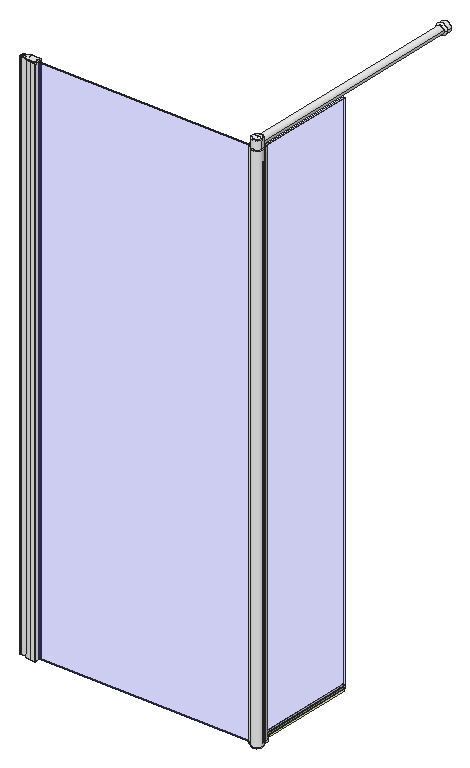
Revit family "FUD2", category Plumbing Fixtures, Revit 2015
Parameters (values of type "900")
  URL = "http://www.sanswiss.com/"
  Type Comments = "WALK IN FUN"
  Seal = Seal
  Model = "FUD2"
  Manufacturer = "SanSwiss"
  Glass = Glass
  Chrome = Chrome - Polished
  Aluminium = Aluminum - Polished
  X = 900 mm
Types (6, lengths in mm): name | X
  (no name) | 900
  1200 | 1200
  1400 | 1400
  800 | 800
  900 | 900
  1000 | 1000
Reference planes
  plane 1 "Center (Front/Back)": y = 0
  plane 2: z = 0
  plane 3 "Center (Left/Right)": x = 0
  plane 4 "back": y = 900
  plane 5 "left": x = -900
  plane 6 "stabiliser": y = 23.011
Forms (mm)
  Sweep 1, solid, material "Chrome - Polished" <- "Chrome"
    path origin (0, 0, 0) x (1, 0, 0) y (0, 0, 1)
      loop
        line (0, 1998.3) -> (0, 2002.6)
    profile origin (0, 0, 2000.45) x (-1, 0, 0) y (0, -1, 0)
      loop
        circle (22.63, -23.011) r 15
      loop
        line (51.63, -26.801) -> (51.63, -19.211)
        arc (51.63, -19.211) -> (51.393, -18.638) -> (50.819, -18.4) r 0.811
        line (50.819, -18.4) -> (47.095, -18.4)
        arc (47.095, -18.4) -> (42.171, -17.103) -> (38.524, -13.548) r 9.996
        arc (38.524, -13.548) -> (10.377, -9.258) -> (11.4, -37.712) r 18.486
        arc (11.4, -37.712) -> (14.281, -41.225) -> (15.319, -45.649) r 10.045
        line (15.319, -45.649) -> (15.319, -47.864)
        arc (15.319, -47.864) -> (15.238, -48.262) -> (15.008, -48.597) r 1.018
        arc (15.008, -48.597) -> (22.625, -66.78) -> (30.242, -48.597) r 10.687
        arc (30.242, -48.597) -> (30.016, -48.259) -> (29.93, -47.862) r 1.087
        line (29.93, -47.862) -> (29.93, -45.66)
        arc (29.93, -45.66) -> (30.965, -41.223) -> (33.856, -37.702) r 10.03
        arc (33.856, -37.702) -> (36.427, -35.312) -> (38.505, -32.482) r 18.633
        arc (38.505, -32.482) -> (42.163, -28.911) -> (47.107, -27.611) r 10.007
        line (47.107, -27.611) -> (50.819, -27.611)
        arc (50.819, -27.611) -> (51.393, -27.374) -> (51.63, -26.801) r 0.811
  Sweep 2, solid, material "Aluminum - Polished" <- "Aluminium"
    path origin (0, 0, 0) x (1, 0, 0) y (0, 0, 1)
      loop
        line (-900, 0) -> (-900, 2000.5)
    profile origin (-900, 0, 1000.25) x (-1, 0, 0) y (0, -1, 0)
      loop
        line (-61.531, -26.841) -> (-61.531, -34.241)
        arc (-61.531, -34.241) -> (-61.091, -35.302) -> (-60.031, -35.741) r 1.5
        line (-60.031, -35.741) -> (-26.356, -35.741)
        arc (-26.356, -35.741) -> (-24.012, -35.457) -> (-21.804, -34.622) r 9.817
        arc (-21.804, -34.622) -> (-21.613, -33.71) -> (-22.418, -33.241) r 0.796
        line (-22.418, -33.241) -> (-22.418, -15.241)
        arc (-22.418, -15.241) -> (-21.627, -14.798) -> (-21.702, -13.894) r 0.838
        arc (-21.702, -13.894) -> (-31.584, -9.68) -> (-42.231, -8.241) r 40.103
        line (-42.231, -8.241) -> (-60.031, -8.241)
        arc (-60.031, -8.241) -> (-61.091, -8.68) -> (-61.531, -9.741) r 1.5
        line (-61.531, -9.741) -> (-61.531, -20.041) -> (-53.331, -20.041) -> (-53.331, -26.841) -> (-61.531, -26.841)
  Sweep 3, solid, material "Chrome - Polished" <- "Chrome"
    path origin (0, 0, 0) x (1, 0, 0) y (0, 0, 1)
      loop
        line (-900, 2004) -> (-900, 2000.5)
    profile origin (-900, 0, 2002.25) x (0, -1, 0) y (1, 0, 0)
      loop
        line (-9.741, 61.531) -> (-34.241, 61.531)
        arc (-34.241, 61.531) -> (-35.302, 61.091) -> (-35.741, 60.031) r 1.5
        line (-35.741, 60.031) -> (-35.741, 26.356)
        arc (-35.741, 26.356) -> (-35.033, 22.66) -> (-33.008, 19.488) r 9.999
        arc (-33.008, 19.488) -> (-23.013, 15.8) -> (-14.024, 21.519) r 11.998
        arc (-14.024, 21.519) -> (-9.716, 31.479) -> (-8.241, 42.231) r 40.036
        line (-8.241, 42.231) -> (-8.241, 60.031)
        arc (-8.241, 60.031) -> (-8.68, 61.091) -> (-9.741, 61.531) r 1.5
  Sweep 4, solid, material "Aluminum - Polished" <- "Aluminium"
    path origin (0, 0, 0) x (1, 0, 0) y (0, 0, 1)
      loop
        line (0, 1998.3) -> (0, 4.3)
    profile origin (0, 0, 1001.3) x (0, -1, 0) y (1, 0, 0)
      loop
        arc (-27.611, -50.798) -> (-26.806, -51.604) -> (-26, -50.798) r 0.806
        line (-26, -50.798) -> (-26.611, -49.925) -> (-26.122, -49.226) -> (-26.611, -48.526) -> (-26.09, -47.905) -> (-26.611, -47.161) -> (-26.103, -46.555) -> (-26.625, -44.098) -> (-19.327, -44.098) -> (-20, -46.61) -> (-19.411, -47.199) -> (-19.885, -47.876) -> (-19.411, -48.553) -> (-19.872, -49.21) -> (-19.411, -49.868) -> (-20, -50.81)
        arc (-20, -50.81) -> (-19.2, -51.61) -> (-18.4, -50.81) r 0.8
        line (-18.4, -50.81) -> (-18.4, -47.074)
        arc (-18.4, -47.074) -> (-17.103, -42.15) -> (-13.548, -38.503) r 9.996
        arc (-13.548, -38.503) -> (-9.258, -10.356) -> (-37.712, -11.379) r 18.486
        arc (-37.712, -11.379) -> (-41.225, -14.259) -> (-45.649, -15.298) r 10.045
        line (-45.649, -15.298) -> (-47.97, -15.298) -> (-45.187, -18.081) -> (-45.187, -16.636) -> (-43.3, -16.371) -> (-43.3, -19.973)
        arc (-43.3, -19.973) -> (-44.635, -22.598) -> (-43.3, -25.223) r 3.248
        line (-43.3, -25.223) -> (-43.3, -28.834) -> (-45.191, -28.568) -> (-45.191, -27.119) -> (-47.981, -29.909) -> (-45.66, -29.909)
        arc (-45.66, -29.909) -> (-41.223, -30.944) -> (-37.702, -33.834) r 10.03
        arc (-37.702, -33.834) -> (-35.312, -36.406) -> (-32.482, -38.484) r 18.633
        arc (-32.482, -38.484) -> (-28.911, -42.142) -> (-27.611, -47.086) r 10.007
        line (-27.611, -47.086) -> (-27.611, -50.798)
  Sweep 5, solid, material "Chrome - Polished" <- "Chrome"
    path origin (0, 0, 0) x (1, 0, 0) y (0, 0, 1)
      loop
        line (0, 4.3) -> (0, 0)
    profile origin (0, 0, 2.15) x (0, -1, 0) y (1, 0, 0)
      loop
        circle (-23.006, -22.654) r 15.002
      loop
        arc (-37.712, -11.423) -> (-41.225, -14.304) -> (-45.649, -15.342) r 10.045
        line (-45.649, -15.342) -> (-47.864, -15.342)
        arc (-47.864, -15.342) -> (-48.262, -15.261) -> (-48.597, -15.031) r 1.018
        arc (-48.597, -15.031) -> (-66.78, -22.649) -> (-48.597, -30.266) r 10.687
        arc (-48.597, -30.266) -> (-48.259, -30.04) -> (-47.862, -29.954) r 1.087
        line (-47.862, -29.954) -> (-45.66, -29.954)
        arc (-45.66, -29.954) -> (-41.223, -30.988) -> (-37.702, -33.879) r 10.03
        arc (-37.702, -33.879) -> (-35.312, -36.451) -> (-32.482, -38.529) r 18.633
        arc (-32.482, -38.529) -> (-28.911, -42.186) -> (-27.611, -47.13) r 10.007
        line (-27.611, -47.13) -> (-27.611, -50.843)
        arc (-27.611, -50.843) -> (-27.374, -51.416) -> (-26.801, -51.654) r 0.811
        line (-26.801, -51.654) -> (-19.211, -51.654)
        arc (-19.211, -51.654) -> (-18.638, -51.416) -> (-18.4, -50.842) r 0.811
        line (-18.4, -50.842) -> (-18.4, -47.119)
        arc (-18.4, -47.119) -> (-17.103, -42.194) -> (-13.548, -38.548) r 9.996
        arc (-13.548, -38.548) -> (-9.258, -10.401) -> (-37.712, -11.423) r 18.486
  Sweep 6, solid, material "Chrome - Polished" <- "Chrome"
    path origin (0, 0, 0) x (0, 1, 0) y (0, 0, 1)
      loop
        line (0, 4.3) -> (0, 7.8)
    profile origin (0, 0, 6.05) x (0, -1, 0) y (1, 0, 0)
      loop
        circle (-56.111, -22.618) r 9
  Sweep 7, solid, material "Chrome - Polished" <- "Chrome"
    path origin (0, 0, 0) x (0, 1, 0) y (0, 0, 1)
      loop
        line (0, 1998.3) -> (0, 1994.8)
    profile origin (0, 0, 1996.55) x (1, 0, 0) y (0, 1, 0)
      loop
        circle (-22.596, 56.111) r 9
  Sweep 8, solid, material "Aluminum - Polished" <- "Aluminium"
    path origin (0, 0, 0) x (0, 1, 0) y (0, 0, 1)
      loop
        line (0, 1994.8) -> (0, 7.8)
    profile origin (0, 0, 1001.3) x (1, 0, 0) y (0, 1, 0)
      loop
        arc (-26.304, 64.297) -> (-22.587, 47.115) -> (-18.87, 64.297) r 8.993
        arc (-18.87, 64.297) -> (-19.773, 63.71) -> (-19.285, 62.75) r 0.805
        line (-19.285, 62.75) -> (-19.285, 58.664)
        arc (-19.285, 58.664) -> (-22.592, 51.961) -> (-25.899, 58.664) r 4.167
        line (-25.899, 58.664) -> (-25.899, 62.545)
        arc (-25.899, 62.545) -> (-25.398, 63.584) -> (-26.304, 64.297) r 0.921
  Extrusion 9, solid, material "Seal" <- "Seal"
    sketch origin (36.033, 0, 0) x (1, 0, 0) y (0, 0, 1)
      loop
        line (-59.491, 10.9) -> (-58.97, 0.914) -> (-58.641, -0.098) -> (-58.295, 0.914) -> (-57.773, 10.9) -> (-54.932, 10.9)
        arc (-54.932, 10.9) -> (-53.598, 11.491) -> (-53.141, 12.876) r 1.8
        line (-53.141, 12.876) -> (-54.196, 23.597)
        arc (-54.196, 23.597) -> (-54.774, 24.302) -> (-55.647, 24.04) r 0.822
        line (-55.647, 24.04) -> (-54.706, 14.491)
        arc (-54.706, 14.491) -> (-55.452, 13.807) -> (-54.588, 13.282) r 0.632
        arc (-54.588, 13.282) -> (-54.57, 12.735) -> (-54.903, 12.3) r 0.815
        line (-54.903, 12.3) -> (-62.337, 12.3)
        arc (-62.337, 12.3) -> (-62.601, 12.759) -> (-62.677, 13.282) r 1.407
        arc (-62.677, 13.282) -> (-61.811, 13.807) -> (-62.558, 14.491) r 0.632
        line (-62.558, 14.491) -> (-61.606, 24.158)
        arc (-61.606, 24.158) -> (-62.51, 24.329) -> (-63.068, 23.597) r 0.876
        line (-63.068, 23.597) -> (-64.169, 12.412)
        arc (-64.169, 12.412) -> (-67.551, 9.237) -> (-71.763, 7.291) r 14.508
        arc (-71.763, 7.291) -> (-72.113, 6.669) -> (-71.491, 6.318) r 0.505
        arc (-71.491, 6.318) -> (-66.744, 7.906) -> (-62.732, 10.9) r 15.781
        line (-62.732, 10.9) -> (-59.491, 10.9)
    from -65.021 to -431.021
  Extrusion 10, solid, material "Glass" <- "Glass"
    sketch origin (36.024, 0, 0) x (1, 0, 0) y (0, 1, 0)
      loop
        line (-61.632, 56.1) -> (-55.632, 56.1) -> (-55.632, 431.021) -> (-61.632, 431.021) -> (-61.632, 56.1)
    from 12.3 to 1989.3
  Extrusion 11, solid, material "Glass" <- "Glass"
    sketch origin (0, 0, 0) x (1, 0, 0) y (0, 1, 0)
      loop
        line (-44.098, 26) -> (-862.6, 26) -> (-862.6, 20) -> (-44.098, 20) -> (-44.098, 26)
    from 1.5 to 2000.5
  Sweep 12, solid, material "Chrome - Polished" <- "Chrome"
    path origin (0, 23.011, 0) x (-1, 0, 0) y (0, 0, 1)
      loop
        line (900, 2001) -> (900, 1999.5)
    profile origin (-900, 23.011, 2000.25) x (0, 1, 0) y (-1, 0, 0)
      loop
        line (-4.17, 2.186) -> (-6.77, 2.186)
        arc (-6.77, 2.186) -> (-7.477, 1.893) -> (-7.77, 1.186) r 1
        line (-7.77, 1.186) -> (-7.77, -25.435) -> (10.23, -25.435) -> (10.23, 1.186)
        arc (10.23, 1.186) -> (9.937, 1.893) -> (9.23, 2.186) r 1
        line (9.23, 2.186) -> (6.63, 2.186) -> (6.63, -5.014)
        arc (6.63, -5.014) -> (6.044, -6.428) -> (4.63, -7.014) r 2
        line (4.63, -7.014) -> (-2.17, -7.014)
        arc (-2.17, -7.014) -> (-3.585, -6.428) -> (-4.17, -5.014) r 2
        line (-4.17, -5.014) -> (-4.17, 2.186)
  Sweep 13, solid, material "Aluminum - Polished" <- "Aluminium"
    path origin (0, 23.011, 0) x (-1, 0, 0) y (0, 0, 1)
      loop
        line (900, 1999.5) -> (900, 1.5)
    profile origin (-900, 23.011, 1000.5) x (0, 1, 0) y (-1, 0, 0)
      loop
        arc (-7.77, -40.291) -> (-7.535, -41.097) -> (-6.904, -41.65) r 1.5
        line (-6.904, -41.65) -> (-4.77, -42.645) -> (-4.77, -40.332) -> (-6.27, -40.332) -> (-6.27, -0.332) -> (-4.87, -0.332)
        arc (-4.87, -0.332) -> (-3.79, 0.03) -> (-3.145, 0.968) r 1.795
        line (-3.145, 0.968) -> (5.666, 0.968)
        arc (5.666, 0.968) -> (6.274, 0.032) -> (7.33, -0.332) r 1.715
        line (7.33, -0.332) -> (8.73, -0.332) -> (8.73, -40.332) -> (7.23, -40.332) -> (7.23, -42.645) -> (9.475, -41.599)
        arc (9.475, -41.599) -> (10.027, -41.046) -> (10.23, -40.291) r 1.51
        line (10.23, -40.291) -> (10.23, 2.582) -> (7.13, 1.137) -> (7.13, 2.468) -> (-4.67, 2.468) -> (-4.67, 1.137) -> (-7.77, 2.582) -> (-7.77, -40.291)
Dimensions and locks
  plane 1 "Center (Front/Back)" to plane 4 "back" = 900 mm
  "X": plane 5 "left" to plane 3 "Center (Left/Right)"
  aligned and locked: level to plane 2
Automatic sketch dimensions
  Sweep 1 sketch curve to plane 3 "Center (Left/Right)" = 0 mm
  level to Sweep 1 sketch curve = 1998.3 mm
  Sweep 1 sketch curve to Sweep 1 sketch curve = 4.3 mm
  Sweep 1 sketch curve to profile plane = 5.273 mm
  Sweep 1 sketch curve to Sweep 1 sketch curve = 9.027 mm
  Sweep 1 sketch curve to Sweep 1 sketch curve = 1.018 mm
  Sweep 1 sketch curve to Sweep 1 sketch curve = 7.196 mm
  Sweep 1 sketch curve to Sweep 1 sketch curve = 7.306 mm
  Sweep 1 sketch curve to Sweep 1 sketch curve = 0.116 mm
  Sweep 1 sketch curve to Sweep 1 sketch curve = 0.044 mm
  Sweep 1 sketch curve to Sweep 1 sketch curve = 7.305 mm
  Sweep 1 sketch curve to Sweep 1 sketch curve = 1.087 mm
  Sweep 1 sketch curve to Sweep 1 sketch curve = 8.944 mm
  Sweep 1 sketch curve to Sweep 1 sketch curve = 7.133 mm
  Sweep 1 sketch curve to Sweep 1 sketch curve = 0.001 mm
  Sweep 1 sketch curve to Sweep 1 sketch curve = 0.011 mm
  Sweep 1 sketch curve to Sweep 1 sketch curve = 3.713 mm
  Sweep 1 sketch curve to Sweep 1 sketch curve = 0.811 mm  (x2)
  Sweep 1 sketch curve to plane 1 "Center (Front/Back)" = 56.093 mm
  Sweep 1 sketch curve to Sweep 1 sketch curve = 8.229 mm
  Sweep 1 sketch curve to Sweep 1 sketch curve = 8.231 mm
  Sweep 1 sketch curve to Sweep 1 sketch curve = 0.028 mm
  Sweep 1 sketch curve to Sweep 1 sketch curve = 2.191 mm
  Sweep 1 sketch curve to Sweep 1 sketch curve = 2.202 mm
  Sweep 1 sketch curve to Sweep 1 sketch curve = 2.216 mm
  Sweep 1 sketch curve to Sweep 1 sketch curve = 8.042 mm
  Sweep 1 sketch curve to Sweep 1 sketch curve = 10.007 mm
  Sweep 1 sketch curve to plane 1 "Center (Front/Back)" = 23.061 mm
  Sweep 1 sketch curve to Sweep 1 sketch curve = 0.05 mm
  Sweep 1 sketch curve to Sweep 1 sketch curve = 0.093 mm
  Sweep 1 sketch curve to Sweep 1 sketch curve = 7.589 mm
  Sweep 1 sketch curve to plane 1 "Center (Front/Back)" = 8.404 mm
  Sweep 1 sketch curve to Sweep 1 sketch curve = 0 mm  (x2)
  Sweep 1 sketch curve to Sweep 1 sketch curve = 0.311 mm
  Sweep 2 sketch curve to plane 5 "left" = 0 mm
  Sweep 2 sketch curve to level = 0 mm
  level to Sweep 2 sketch curve = 2000.5 mm
  Sweep 3 sketch curve to plane 5 "left" = 0 mm
  level to Sweep 3 sketch curve = 2000.5 mm
  Sweep 3 sketch curve to Sweep 3 sketch curve = 3.5 mm
  Sweep 4 sketch curve to plane 3 "Center (Left/Right)" = 0 mm
  level to Sweep 4 sketch curve = 4.3 mm
  level to Sweep 4 sketch curve = 1998.3 mm
  Sweep 4 sketch curve to plane 1 "Center (Front/Back)" = 47.981 mm
  Sweep 4 sketch curve to Sweep 4 sketch curve = 0.011 mm
  Sweep 4 sketch curve to Sweep 4 sketch curve = 2.297 mm
  Sweep 4 sketch curve to Sweep 4 sketch curve = 2.321 mm
  Sweep 4 sketch curve to Sweep 4 sketch curve = 2.79 mm
  Sweep 4 sketch curve to Sweep 4 sketch curve = 0.462 mm
  Sweep 4 sketch curve to Sweep 4 sketch curve = 1.891 mm
  Sweep 4 sketch curve to Sweep 4 sketch curve = 1.887 mm
  Sweep 4 sketch curve to Sweep 4 sketch curve = 1.913 mm
  Sweep 4 sketch curve to plane 1 "Center (Front/Back)" = 26.806 mm
  Sweep 4 sketch curve to Sweep 4 sketch curve = 0.194 mm
  Sweep 4 sketch curve to Sweep 4 sketch curve = 0 mm  (x4)
  Sweep 4 sketch curve to Sweep 4 sketch curve = 0.49 mm
  Sweep 4 sketch curve to Sweep 4 sketch curve = 0.509 mm
  Sweep 4 sketch curve to Sweep 4 sketch curve = 0.521 mm
  Sweep 4 sketch curve to Sweep 4 sketch curve = 0.806 mm
  Sweep 4 sketch curve to Sweep 4 sketch curve = 18.325 mm
  Sweep 4 sketch curve to Sweep 4 sketch curve = 6.103 mm
  Sweep 4 sketch curve to Sweep 4 sketch curve = 0.115 mm
  Sweep 4 sketch curve to Sweep 4 sketch curve = 0.013 mm
  Sweep 4 sketch curve to Sweep 4 sketch curve = 0.461 mm  (x2)
  Sweep 4 sketch curve to Sweep 4 sketch curve = 0.474 mm
  Sweep 4 sketch curve to Sweep 4 sketch curve = 0.673 mm
  Sweep 4 sketch curve to Sweep 4 sketch curve = 0.8 mm
  Sweep 4 sketch curve to Sweep 4 sketch curve = 1.011 mm
  Sweep 4 sketch curve to plane 1 "Center (Front/Back)" = 8.404 mm
  profile plane to Sweep 4 sketch curve = 50.81 mm
  Sweep 4 sketch curve to Sweep 4 sketch curve = 0.012 mm  (x2)
  Sweep 4 sketch curve to Sweep 4 sketch curve = 0.873 mm
  Sweep 4 sketch curve to Sweep 4 sketch curve = 0.942 mm
  Sweep 4 sketch curve to Sweep 4 sketch curve = 0.699 mm  (x2)
  Sweep 4 sketch curve to Sweep 4 sketch curve = 0.658 mm  (x2)
  Sweep 4 sketch curve to Sweep 4 sketch curve = 0.621 mm
  Sweep 4 sketch curve to Sweep 4 sketch curve = 0.677 mm  (x2)
  Sweep 4 sketch curve to Sweep 4 sketch curve = 0.744 mm
  Sweep 4 sketch curve to Sweep 4 sketch curve = 0.125 mm
  Sweep 4 sketch curve to Sweep 4 sketch curve = 0.589 mm
  Sweep 4 sketch curve to Sweep 4 sketch curve = 0.606 mm
  Sweep 4 sketch curve to Sweep 4 sketch curve = 2.513 mm
  Sweep 4 sketch curve to Sweep 4 sketch curve = 14.189 mm
  Sweep 4 sketch curve to Sweep 4 sketch curve = 1.075 mm
  Sweep 4 sketch curve to Sweep 4 sketch curve = 1.341 mm
  Sweep 4 sketch curve to Sweep 4 sketch curve = 1.449 mm
  Sweep 4 sketch curve to Sweep 4 sketch curve = 1.896 mm
  Sweep 4 sketch curve to Sweep 4 sketch curve = 2.57 mm
  Sweep 4 sketch curve to Sweep 4 sketch curve = 2.625 mm
  Sweep 4 sketch curve to Sweep 4 sketch curve = 1.892 mm
  Sweep 4 sketch curve to Sweep 4 sketch curve = 2.783 mm
  Sweep 4 sketch curve to Sweep 4 sketch curve = 10.045 mm
  Sweep 4 sketch curve to Sweep 4 sketch curve = 0.469 mm
  Sweep 4 sketch curve to Sweep 4 sketch curve = 0.522 mm
  Sweep 4 sketch curve to Sweep 4 sketch curve = 1.444 mm
  Sweep 4 sketch curve to Sweep 4 sketch curve = 0.265 mm
  Sweep 4 sketch curve to Sweep 4 sketch curve = 0.143 mm
  Sweep 4 sketch curve to Sweep 4 sketch curve = 0.159 mm
  Sweep 4 sketch curve to Sweep 4 sketch curve = 5.598 mm
  Sweep 4 sketch curve to Sweep 4 sketch curve = 5.22 mm
  Sweep 4 sketch curve to Sweep 4 sketch curve = 0.076 mm
  Sweep 4 sketch curve to Sweep 4 sketch curve = 5.613 mm
  Sweep 4 sketch curve to Sweep 4 sketch curve = 10.007 mm
  Sweep 5 sketch curve to plane 3 "Center (Left/Right)" = 0 mm
  Sweep 5 sketch curve to level = 0 mm
  level to Sweep 5 sketch curve = 4.3 mm
  Sweep 5 sketch curve to plane 1 "Center (Front/Back)" = 23.006 mm
  profile plane to Sweep 5 sketch curve = 22.654 mm
  Sweep 5 sketch curve to Sweep 5 sketch curve = 0.055 mm
  Sweep 5 sketch curve to plane 1 "Center (Front/Back)" = 26.801 mm
  Sweep 5 sketch curve to Sweep 5 sketch curve = 0.811 mm  (x2)
  Sweep 5 sketch curve to Sweep 5 sketch curve = 10.007 mm
  Sweep 5 sketch curve to Sweep 5 sketch curve = 22.587 mm
  Sweep 5 sketch curve to Sweep 5 sketch curve = 0.011 mm  (x2)
  Sweep 5 sketch curve to Sweep 5 sketch curve = 0.024 mm
  Sweep 5 sketch curve to Sweep 5 sketch curve = 2.174 mm
  Sweep 5 sketch curve to Sweep 5 sketch curve = 0.028 mm
  Sweep 5 sketch curve to Sweep 5 sketch curve = 2.216 mm
  Sweep 5 sketch curve to Sweep 5 sketch curve = 8.229 mm
  Sweep 5 sketch curve to Sweep 5 sketch curve = 0.088 mm
  Sweep 5 sketch curve to Sweep 5 sketch curve = 7.589 mm
  Sweep 5 sketch curve to plane 1 "Center (Front/Back)" = 8.404 mm
  Sweep 5 sketch curve to Sweep 5 sketch curve = 0.044 mm
  Sweep 5 sketch curve to Sweep 5 sketch curve = 7.256 mm
  Sweep 5 sketch curve to Sweep 5 sketch curve = 1.087 mm
  Sweep 5 sketch curve to Sweep 5 sketch curve = 8.944 mm
  Sweep 5 sketch curve to Sweep 5 sketch curve = 7.133 mm
  Sweep 5 sketch curve to Sweep 5 sketch curve = 0.001 mm
  Sweep 5 sketch curve to Sweep 5 sketch curve = 3.724 mm
  Sweep 5 sketch curve to Sweep 5 sketch curve = 7.305 mm
  Sweep 5 sketch curve to Sweep 5 sketch curve = 0.116 mm
  Sweep 5 sketch curve to Sweep 5 sketch curve = 7.306 mm
  Sweep 5 sketch curve to Sweep 5 sketch curve = 1.018 mm
  Sweep 5 sketch curve to Sweep 5 sketch curve = 9.027 mm
  Sweep 5 sketch curve to Sweep 5 sketch curve = 0 mm  (x2)
  Sweep 5 sketch curve to Sweep 5 sketch curve = 0.733 mm
  Sweep 6 sketch curve to plane 1 "Center (Front/Back)" = 0 mm
  level to Sweep 6 sketch curve = 4.3 mm
  level to Sweep 6 sketch curve = 7.8 mm
  profile plane to Sweep 6 sketch curve = 56.111 mm
  Sweep 6 sketch curve to plane 3 "Center (Left/Right)" = 22.618 mm
  Sweep 7 sketch curve to plane 1 "Center (Front/Back)" = 0 mm
  level to Sweep 7 sketch curve = 1994.8 mm
  Sweep 7 sketch curve to Sweep 7 sketch curve = 3.5 mm
  Sweep 7 sketch curve to Sweep 7 sketch curve = 0 mm  (x2)
  Sweep 7 sketch curve to plane 3 "Center (Left/Right)" = 22.596 mm
  Sweep 7 sketch curve to profile plane = 56.111 mm
  Sweep 7 sketch curve to Sweep 7 sketch curve = 9 mm
  Sweep 8 sketch curve to plane 1 "Center (Front/Back)" = 0 mm
  level to Sweep 8 sketch curve = 7.8 mm
  Sweep 8 sketch curve to Sweep 8 sketch curve = 1987 mm
  Sweep 8 sketch curve to plane 3 "Center (Left/Right)" = 26.295 mm
  Sweep 8 sketch curve to Sweep 8 sketch curve = 0.396 mm
  Sweep 8 sketch curve to Sweep 8 sketch curve = 3.307 mm
  Sweep 8 sketch curve to Sweep 8 sketch curve = 0.005 mm
  Sweep 8 sketch curve to Sweep 8 sketch curve = 0.29 mm
  Sweep 8 sketch curve to profile plane = 56.108 mm
  Sweep 8 sketch curve to Sweep 8 sketch curve = 0.02 mm
  Sweep 8 sketch curve to Sweep 8 sketch curve = 6.417 mm
  Sweep 8 sketch curve to Sweep 8 sketch curve = 0.205 mm
  Sweep 8 sketch curve to Sweep 8 sketch curve = 0.831 mm
  Sweep 8 sketch curve to Sweep 8 sketch curve = 0.752 mm
  Sweep 8 sketch curve to Sweep 8 sketch curve = 0.009 mm
  Sweep 8 sketch curve to Sweep 8 sketch curve = 4.086 mm
  Sweep 8 sketch curve to Sweep 8 sketch curve = 3.882 mm
  level to Extrusion 9 sketch curve = 21.264 mm
  Extrusion 9 sketch curve to plane 3 "Center (Left/Right)" = 39.63 mm
  Extrusion 9 sketch curve to Extrusion 9 sketch curve = 1.605 mm
  level to Extrusion 9 sketch curve = 6.804 mm
  Extrusion 9 sketch curve to Extrusion 9 sketch curve = 4.037 mm
  level to Extrusion 9 sketch curve = 12.412 mm
  Extrusion 9 sketch curve to Extrusion 9 sketch curve = 7.458 mm
  level to Extrusion 9 sketch curve = 23.597 mm  (x2)
  Extrusion 9 sketch curve to Extrusion 9 sketch curve = 10.99 mm
  Extrusion 9 sketch curve to Extrusion 9 sketch curve = 1.437 mm
  level to Extrusion 9 sketch curve = 14.491 mm  (x2)
  Extrusion 9 sketch curve to Extrusion 9 sketch curve = 1.611 mm
  Extrusion 9 sketch curve to Extrusion 9 sketch curve = 0.117 mm
  Extrusion 9 sketch curve to Extrusion 9 sketch curve = 0.396 mm
  Extrusion 9 sketch curve to Extrusion 9 sketch curve = 0.872 mm
  level to Extrusion 9 sketch curve = 24.158 mm
  Extrusion 9 sketch curve to Extrusion 9 sketch curve = 0.59 mm
  Extrusion 9 sketch curve to Extrusion 9 sketch curve = 1.17 mm
  level to Extrusion 9 sketch curve = 10.9 mm  (x2)
  Extrusion 9 sketch curve to Extrusion 9 sketch curve = 1.78 mm
  level to Extrusion 9 sketch curve = 0.914 mm  (x2)
  Extrusion 9 sketch curve to Extrusion 9 sketch curve = 0.521 mm
  Extrusion 9 sketch curve to Extrusion 9 sketch curve = 1.717 mm
  level to Extrusion 9 sketch curve = 24.04 mm
  Extrusion 9 sketch curve to Extrusion 9 sketch curve = 5.959 mm
  Extrusion 9 sketch curve to Extrusion 9 sketch curve = 2.427 mm
  Extrusion 9 sketch curve to Extrusion 9 sketch curve = 0.633 mm
  Extrusion 9 sketch curve to Extrusion 9 sketch curve = 0.414 mm
  Extrusion 9 sketch curve to Extrusion 9 sketch curve = 0.029 mm
  Extrusion 9 sketch curve to Extrusion 9 sketch curve = 0.524 mm
  Extrusion 9 sketch curve to Extrusion 9 sketch curve = 0.116 mm
  Extrusion 9 sketch curve to Extrusion 9 sketch curve = 0.818 mm
  level to Extrusion 9 sketch curve = 12.876 mm
  Extrusion 9 sketch curve to Extrusion 9 sketch curve = 1.791 mm
  Extrusion 9 sketch curve to Extrusion 9 sketch curve = 0.4 mm
  Extrusion 9 sketch curve to Extrusion 9 sketch curve = 0.284 mm
  Extrusion 9 sketch curve to Extrusion 9 sketch curve = 0.919 mm
  Extrusion 9 sketch curve to Extrusion 9 sketch curve = 0.621 mm  (x2)
  Extrusion 9 sketch curve to Extrusion 9 sketch curve = 0.624 mm
  Extrusion 9 sketch curve to Extrusion 9 sketch curve = 0 mm
  Extrusion 9 sketch curve to Extrusion 9 sketch curve = 0.329 mm
  Extrusion 9 sketch curve to level = 0.098 mm
  Extrusion 9 sketch curve to Extrusion 9 sketch curve = 0.675 mm
  Extrusion 10 sketch curve to plane 3 "Center (Left/Right)" = 25.608 mm
  Extrusion 10 sketch curve to Extrusion 10 sketch curve = 6 mm
  Extrusion 10 sketch curve to plane 1 "Center (Front/Back)" = 56.1 mm
  Extrusion 10 sketch curve to Extrusion 10 sketch curve = 374.921 mm
  plane 5 "left" to Extrusion 11 sketch curve = 37.4 mm
  Extrusion 11 sketch curve to plane 1 "Center (Front/Back)" = 20 mm
  Extrusion 11 sketch curve to plane 3 "Center (Left/Right)" = 44.098 mm
  Extrusion 11 sketch curve to Extrusion 11 sketch curve = 6 mm
  Sweep 3 sketch curve to profile plane = 42.245 mm
  Sweep 3 sketch curve to plane 1 "Center (Front/Back)" = 48.277 mm
  Sweep 3 sketch curve to profile plane = 26.356 mm
  Sweep 3 sketch curve to Sweep 3 sketch curve = 12.536 mm
  Sweep 3 sketch curve to Sweep 3 sketch curve = 1.5 mm  (x2)
  Sweep 3 sketch curve to Sweep 3 sketch curve = 9.999 mm
  Sweep 3 sketch curve to Sweep 3 sketch curve = 1.453 mm
  Sweep 3 sketch curve to Sweep 3 sketch curve = 24.5 mm
  Sweep 3 sketch curve to Sweep 3 sketch curve = 1.374 mm
  Sweep 3 sketch curve to profile plane = 42.231 mm
  Sweep 3 sketch curve to Sweep 3 sketch curve = 17.786 mm
  Sweep 3 sketch curve to Sweep 3 sketch curve = 0 mm
  profile plane to Sweep 2 sketch curve = 61.531 mm
  Sweep 2 sketch curve to Sweep 2 sketch curve = 0 mm
  Sweep 2 sketch curve to Sweep 2 sketch curve = 1.5 mm  (x2)
  Sweep 2 sketch curve to Sweep 2 sketch curve = 8.2 mm
  profile plane to Sweep 2 sketch curve = 42.231 mm
  profile plane to Sweep 2 sketch curve = 26.356 mm
  profile plane to Sweep 2 sketch curve = 22.418 mm
  Sweep 2 sketch curve to Sweep 2 sketch curve = 0.051 mm
  Sweep 2 sketch curve to Sweep 2 sketch curve = 0.078 mm
  Sweep 2 sketch curve to plane 1 "Center (Front/Back)" = 48.345 mm
  Sweep 2 sketch curve to Sweep 2 sketch curve = 12.603 mm
  Sweep 2 sketch curve to Sweep 2 sketch curve = 1.708 mm
  Sweep 2 sketch curve to Sweep 2 sketch curve = 0.792 mm
  Sweep 2 sketch curve to Sweep 2 sketch curve = 7.4 mm
  Sweep 2 sketch curve to Sweep 2 sketch curve = 7.317 mm
  Sweep 2 sketch curve to Sweep 2 sketch curve = 6.8 mm
  Sweep 2 sketch curve to Sweep 2 sketch curve = 10.683 mm
  Sweep 2 sketch curve to Sweep 2 sketch curve = 0.837 mm
  Sweep 2 sketch curve to Sweep 2 sketch curve = 10.3 mm
  Sweep 12 sketch curve to plane 5 "left" = 0 mm
  level to Sweep 12 sketch curve = 1999.5 mm
  Sweep 12 sketch curve to Sweep 12 sketch curve = 1.5 mm
  Sweep 12 sketch curve to plane 6 "stabiliser" = 7.77 mm
  Sweep 12 sketch curve to Sweep 12 sketch curve = 1 mm  (x2)
  Sweep 12 sketch curve to Sweep 12 sketch curve = 2.6 mm  (x2)
  Sweep 12 sketch curve to Sweep 12 sketch curve = 2 mm  (x2)
  Sweep 12 sketch curve to Sweep 12 sketch curve = 6.8 mm
  Sweep 12 sketch curve to profile plane = 2.186 mm
  Sweep 12 sketch curve to Sweep 12 sketch curve = 7.2 mm
  Sweep 12 sketch curve to Sweep 12 sketch curve = 18.421 mm
  Sweep 12 sketch curve to profile plane = 1.186 mm
  Sweep 13 sketch curve to plane 5 "left" = 0 mm
  level to Sweep 13 sketch curve = 1.5 mm
  Sweep 13 sketch curve to Sweep 13 sketch curve = 1998 mm
  Sweep 13 sketch curve to profile plane = 2.582 mm  (x2)
  Sweep 13 sketch curve to plane 6 "stabiliser" = 7.77 mm
  Sweep 13 sketch curve to Sweep 13 sketch curve = 0.866 mm
  Sweep 13 sketch curve to Sweep 13 sketch curve = 0.634 mm
  Sweep 13 sketch curve to Sweep 13 sketch curve = 0 mm  (x2)
  Sweep 13 sketch curve to Sweep 13 sketch curve = 1.4 mm
  Sweep 13 sketch curve to Sweep 13 sketch curve = 1.5 mm
  Sweep 13 sketch curve to Sweep 13 sketch curve = 0.2 mm  (x2)
  Sweep 13 sketch curve to Sweep 13 sketch curve = 1.525 mm
  Sweep 13 sketch curve to Sweep 13 sketch curve = 8.811 mm
  Sweep 13 sketch curve to Sweep 13 sketch curve = 1.464 mm
  Sweep 13 sketch curve to Sweep 13 sketch curve = 12 mm
  Sweep 13 sketch curve to Sweep 13 sketch curve = 1.49 mm
  Sweep 13 sketch curve to Sweep 13 sketch curve = 0.01 mm
  Sweep 13 sketch curve to Sweep 13 sketch curve = 0.745 mm
  Sweep 13 sketch curve to Sweep 13 sketch curve = 3.1 mm
  Sweep 13 sketch curve to Sweep 13 sketch curve = 0.114 mm
  Sweep 13 sketch curve to Sweep 13 sketch curve = 1.005 mm
  Sweep 13 sketch curve to Sweep 13 sketch curve = 1.085 mm
  Sweep 13 sketch curve to Sweep 13 sketch curve = 0.326 mm
  Sweep 13 sketch curve to Sweep 13 sketch curve = 0.246 mm
  Sweep 13 sketch curve to Sweep 13 sketch curve = 0.168 mm
  profile plane to Sweep 13 sketch curve = 40.291 mm
  Sweep 13 sketch curve to Sweep 13 sketch curve = 0.041 mm  (x2)
  Sweep 13 sketch curve to Sweep 13 sketch curve = 2.314 mm  (x2)
  radius of Sweep 1 sketch curve = 15 mm
  radius of Sweep 5 sketch curve = 15.002 mm
  radius of Sweep 6 sketch curve = 9 mm
Nested families
  nested 1: "stabiliser" at (0, 2.825, 0), type "stabiliser"
    with length 900 mm
Definition of nested family "stabiliser"
  Parameters (values of type "stabiliser")
    Chrome = none
    Aluminium = none
    length [instance] = 900 mm
    URL = "http://www.sanswiss.com/"
    Type Comments = ""
    Model = ""
    Manufacturer = "SanSwiss"
  Reference planes
    plane 1 "Center (Front/Back)": y = 0
    plane 2: z = 0
    plane 3 "Center (Left/Right)": x = 0
    plane 4 "Back": y = 900
    plane 5 "Left": x = -1200
    plane 6 "bar back": y = 875
    plane 7 "stabiliser axis": z = 2018.156
    plane 8 "sttt": y = 20.175
  Forms (mm)
    Revolve 1, solid, material <- "Chrome"
      sketch origin (0, 0, 2018.156) x (0, -1, 0) y (1, 0, 0)
        loop
          line (-900, -22.663) -> (-875, -22.663) -> (-875, -7.833)
          arc (-875, -7.833) -> (-878.58, -4.435) -> (-883.359, -3.2) r 9.857
          line (-883.359, -3.2) -> (-900, -3.2) -> (-900, -22.663)
        axis (-875, -22.663) -> (-900, -22.663)
      angle from 0 to 360
    Extrusion 2, solid, material <- "Aluminium"
      sketch origin (0, 346, 0) x (1, 0, 0) y (0, 0, 1)
        loop
          circle (-22.619, 2018.156) r 13.658
      from -529 to 321.225
    Revolve 3, solid, material <- "Chrome"
      sketch origin (-45.162, 20.175, 0.011) x (-1, 0, 0) y (0, 0, 1)
        loop
          line (-22.619, 2002.6) -> (-4.119, 2002.6) -> (-4.119, 2033.679)
          arc (-4.119, 2033.679) -> (-4.481, 2034.825) -> (-5.434, 2035.557) r 1.999
          arc (-5.434, 2035.557) -> (-13.894, 2037.811) -> (-22.619, 2038.537) r 49.432
          line (-22.619, 2038.537) -> (-22.619, 2002.6)
        axis (-22.619, 2038.537) -> (-22.619, 2002.6)
      angle from 0 to 360
    Extrusion 4, void
      sketch origin (900, 0, 0) x (0, 1, 0) y (0, 0, 1)
        loop
          arc (38.658, 2032.768) -> (32.697, 2019.083) -> (38.658, 2005.399) r 18.688
          line (38.658, 2005.399) -> (38.658, 2032.768)
      from -1950 to 10
  Cuts and joins
    Extrusion 4 cuts Revolve 3
  Dimensions and locks
    "length": plane 4 "Back" to plane 1 "Center (Front/Back)"
    locked: plane 4 "Back" to plane 6 "bar back" at 25
    aligned and locked: level to plane 2
  Automatic sketch dimensions
    Revolve 1 sketch curve to plane 4 "Back" = 0 mm  (x2)
    plane 6 "bar back" to Revolve 1 sketch curve = 0 mm  (x2)
    Revolve 1 sketch curve to plane 3 "Center (Left/Right)" = 3.2 mm
    Revolve 1 sketch curve to plane 6 "bar back" = 8.359 mm
    Revolve 1 sketch curve to plane 3 "Center (Left/Right)" = 7.833 mm
    Revolve 1 sketch curve to Revolve 1 sketch curve = 9.607 mm
    Revolve 1 sketch curve to Revolve 1 sketch curve = 0 mm
    Extrusion 2 sketch curve to plane 7 "stabiliser axis" = 0 mm
    Extrusion 2 sketch curve to plane 3 "Center (Left/Right)" = 22.619 mm
    Revolve 3 sketch curve to plane 3 "Center (Left/Right)" = 22.543 mm
    Revolve 3 sketch curve to Revolve 3 sketch curve = 0.278 mm
    Revolve 3 sketch curve to plane 3 "Center (Left/Right)" = 39.044 mm
    Revolve 3 sketch curve to plane 3 "Center (Left/Right)" = 41.043 mm
    Revolve 3 sketch curve to plane 7 "stabiliser axis" = 29.039 mm
    Revolve 3 sketch curve to Revolve 3 sketch curve = 13.494 mm
    plane 7 "stabiliser axis" to Revolve 3 sketch curve = 15.534 mm
    Revolve 3 sketch curve to Revolve 3 sketch curve = 4.858 mm
    Revolve 3 sketch curve to Revolve 3 sketch curve = 0 mm  (x3)
    plane 7 "stabiliser axis" to Extrusion 4 sketch curve = 0.927 mm
    plane 8 "sttt" to Extrusion 4 sketch curve = 31.21 mm
    plane 8 "sttt" to Extrusion 4 sketch curve = 18.483 mm
    Extrusion 4 sketch curve to plane 7 "stabiliser axis" = 12.757 mm
    radius of Extrusion 2 sketch curve = 13.658 mm
